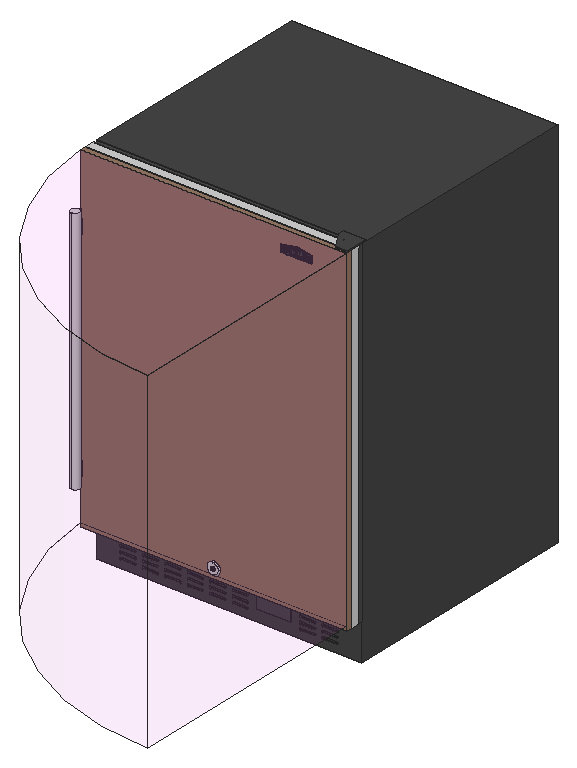
Revit family "Qf_Summit_SCFF53BIF_24 inches Wide Built-In All-Freezer", category Specialty Equipment, Revit 2020
Family settings
  Round Connector Dimension = Use Diameter
  Part Type = Normal
  Work Plane-Based = No
  Always vertical = Yes
  Cut with Voids When Loaded = No
  Shared = No
  Room Calculation Point = No
Parameters
  Weight in Pounds = 95
  Watts = 0 W
  Volts = 115 V
  URL Cutsheet = ""
  Specification by User = ""
  Specification by Manufacturer = ""
  Show Clearance [instance] = yes
  Serial Number = ""
  Seismic Rating = ""
  SMACNA No = ""
  Revision Code = ""
  Plumbing Remarks = ""
  Plumbing Connection Type = ""
  Phase = 1
  Number of Poles = 1
  NAFEM Spec ID Number = ""
  Model = "SCFF53BIF"
  Min Ckt Ampacity = 0 A
  Max Overcurrent Protection = 0 A
  Masterspec = ""
  Manufacturer = "Summit"
  Length = 23 5/8"
  Item Number = ""
  Installed By = ""
  Identify Quantity as Lot = yes
  Height = 34"
  HP = ""
  Furnished By = ""
  Foodservice Equipment Identifier = yes
  FL Amps = 0.9 A
  Electrical Remarks = ""
  Electric Connection Type = ""
  Elec Conn RI Height = 0"
  Elec Conn Connection Height = 0"
  Description = "24\" Wide Built-In All-Freezer"
  Depth = 23 1/2"
  Default Elevation = 0"
  Cycle = 60 Hz
  Conn Plug = ""
  Conn Conduit = yes
  CSI MasterFormat = ""
  Apparent Power = if(Phase = 3, Volts * FL Amps * 1.73, Volts * FL Amps)  # 103.5 VA
Reference planes (in)
  plane 1: z = 0
  plane 2 "LEFT": x = 0
  plane 3 "RIGHT": x = 23.625
  plane 4 "FRONT": y = -24.25
  plane 5 "TOP": z = 34
  plane 6 "Center Y": x = 11.8125
  plane 7 "Center X": y = -12.5
  plane 8 "BACK": y = -0.75
  plane 9: y = -46.375
  plane 10: y = -26.125
  plane 11: y = -22.5
  plane 12: z = 3.875
  plane 13: z = 0.625
Forms (in)
  Extrusion 1, solid, material "QF_Metallic_Paint_Black_Smooth"
    sketch origin (22.25, -2.96287, 36.42187) x (0, 1, 0) y (-1, 0, 0)
      loop
        line (2.21287, 22.25) -> (-19.53713, 22.25) -> (-19.53713, -1.375) -> (2.21287, -1.375) -> (2.21287, 22.25)
    from -35.79687 to -2.42187
  Extrusion 2, solid, material "QF_Plastic - Black - Matte"
    sketch origin (22.25, -2.96287, 36.42187) x (0, 1, 0) y (-1, 0, 0)
      loop
        line (-19.53713, 22.125) -> (-19.91213, 22.125) -> (-19.91213, -1.375) -> (-19.53713, -1.375) -> (-19.53713, 22.125)
    from -32.54687 to -2.42187
  Extrusion 3, solid, material "QF_Clearances_Door_Drawer"
    sketch origin (22.3755, -2.96287, 34) x (0, 1, 0) y (-1, 0, 0)
      loop
        line (-21.28713, -1.2495) -> (-21.28713, 22.42021)
        arc (-21.28713, 22.42021) -> (-37.01963, 14.95058) -> (-43.41213, -1.2495) r 23.72364
        line (-43.41213, -1.2495) -> (-21.28713, -1.2495)
    from 0 to -29.75
  Extrusion 4, void
    sketch origin (71.79246, -24.25, 19.21875) x (-1, 0, 0) y (0, 0, -1)
      loop
        arc (52.35496, 15.96875) -> (52.22996, 15.84375) -> (52.35496, 15.71875) r 0.125
        line (52.35496, 15.71875) -> (53.60496, 15.71875)
        arc (53.60496, 15.71875) -> (53.72996, 15.84375) -> (53.60496, 15.96875) r 0.125
        line (53.60496, 15.96875) -> (52.35496, 15.96875)
      loop
        line (52.35496, 16.21875) -> (53.60496, 16.21875)
        arc (53.60496, 16.21875) -> (53.72996, 16.34375) -> (53.60496, 16.46875) r 0.125
        line (53.60496, 16.46875) -> (52.35496, 16.46875)
        arc (52.35496, 16.46875) -> (52.22996, 16.34375) -> (52.35496, 16.21875) r 0.125
      loop
        line (52.35496, 16.71875) -> (53.60496, 16.71875)
        arc (53.60496, 16.71875) -> (53.72996, 16.84375) -> (53.60496, 16.96875) r 0.125
        line (53.60496, 16.96875) -> (52.35496, 16.96875)
        arc (52.35496, 16.96875) -> (52.22996, 16.84375) -> (52.35496, 16.71875) r 0.125
      loop
        line (53.60496, 17.46875) -> (52.35496, 17.46875)
        arc (52.35496, 17.46875) -> (52.22996, 17.34375) -> (52.35496, 17.21875) r 0.125
        line (52.35496, 17.21875) -> (53.60496, 17.21875)
        arc (53.60496, 17.21875) -> (53.72996, 17.34375) -> (53.60496, 17.46875) r 0.125
      loop
        line (53.60496, 17.96875) -> (52.35496, 17.96875)
        arc (52.35496, 17.96875) -> (52.22996, 17.84375) -> (52.35496, 17.71875) r 0.125
        line (52.35496, 17.71875) -> (53.60496, 17.71875)
        arc (53.60496, 17.71875) -> (53.72996, 17.84375) -> (53.60496, 17.96875) r 0.125
      loop
        arc (50.35496, 15.96875) -> (50.22996, 15.84375) -> (50.35496, 15.71875) r 0.125
        line (50.35496, 15.71875) -> (51.60496, 15.71875)
        arc (51.60496, 15.71875) -> (51.72996, 15.84375) -> (51.60496, 15.96875) r 0.125
        line (51.60496, 15.96875) -> (50.35496, 15.96875)
      loop
        line (50.35496, 16.21875) -> (51.60496, 16.21875)
        arc (51.60496, 16.21875) -> (51.72996, 16.34375) -> (51.60496, 16.46875) r 0.125
        line (51.60496, 16.46875) -> (50.35496, 16.46875)
        arc (50.35496, 16.46875) -> (50.22996, 16.34375) -> (50.35496, 16.21875) r 0.125
      loop
        line (50.35496, 16.71875) -> (51.60496, 16.71875)
        arc (51.60496, 16.71875) -> (51.72996, 16.84375) -> (51.60496, 16.96875) r 0.125
        line (51.60496, 16.96875) -> (50.35496, 16.96875)
        arc (50.35496, 16.96875) -> (50.22996, 16.84375) -> (50.35496, 16.71875) r 0.125
      loop
        line (51.60496, 17.46875) -> (50.35496, 17.46875)
        arc (50.35496, 17.46875) -> (50.22996, 17.34375) -> (50.35496, 17.21875) r 0.125
        line (50.35496, 17.21875) -> (51.60496, 17.21875)
        arc (51.60496, 17.21875) -> (51.72996, 17.34375) -> (51.60496, 17.46875) r 0.125
      loop
        line (51.60496, 17.96875) -> (50.35496, 17.96875)
        arc (50.35496, 17.96875) -> (50.22996, 17.84375) -> (50.35496, 17.71875) r 0.125
        line (50.35496, 17.71875) -> (51.60496, 17.71875)
        arc (51.60496, 17.71875) -> (51.72996, 17.84375) -> (51.60496, 17.96875) r 0.125
      loop
        arc (60.35496, 15.96875) -> (60.22996, 15.84375) -> (60.35496, 15.71875) r 0.125
        line (60.35496, 15.71875) -> (61.60496, 15.71875)
        arc (61.60496, 15.71875) -> (61.72996, 15.84375) -> (61.60496, 15.96875) r 0.125
        line (61.60496, 15.96875) -> (60.35496, 15.96875)
      loop
        line (60.35496, 16.21875) -> (61.60496, 16.21875)
        arc (61.60496, 16.21875) -> (61.72996, 16.34375) -> (61.60496, 16.46875) r 0.125
        line (61.60496, 16.46875) -> (60.35496, 16.46875)
        arc (60.35496, 16.46875) -> (60.22996, 16.34375) -> (60.35496, 16.21875) r 0.125
      loop
        line (60.35496, 16.71875) -> (61.60496, 16.71875)
        arc (61.60496, 16.71875) -> (61.72996, 16.84375) -> (61.60496, 16.96875) r 0.125
        line (61.60496, 16.96875) -> (60.35496, 16.96875)
        arc (60.35496, 16.96875) -> (60.22996, 16.84375) -> (60.35496, 16.71875) r 0.125
      loop
        line (61.60496, 17.46875) -> (60.35496, 17.46875)
        arc (60.35496, 17.46875) -> (60.22996, 17.34375) -> (60.35496, 17.21875) r 0.125
        line (60.35496, 17.21875) -> (61.60496, 17.21875)
        arc (61.60496, 17.21875) -> (61.72996, 17.34375) -> (61.60496, 17.46875) r 0.125
      loop
        line (61.60496, 17.96875) -> (60.35496, 17.96875)
        arc (60.35496, 17.96875) -> (60.22996, 17.84375) -> (60.35496, 17.71875) r 0.125
        line (60.35496, 17.71875) -> (61.60496, 17.71875)
        arc (61.60496, 17.71875) -> (61.72996, 17.84375) -> (61.60496, 17.96875) r 0.125
      loop
        arc (58.35496, 15.96875) -> (58.22996, 15.84375) -> (58.35496, 15.71875) r 0.125
        line (58.35496, 15.71875) -> (59.60496, 15.71875)
        arc (59.60496, 15.71875) -> (59.72996, 15.84375) -> (59.60496, 15.96875) r 0.125
        line (59.60496, 15.96875) -> (58.35496, 15.96875)
      loop
        line (58.35496, 16.21875) -> (59.60496, 16.21875)
        arc (59.60496, 16.21875) -> (59.72996, 16.34375) -> (59.60496, 16.46875) r 0.125
        line (59.60496, 16.46875) -> (58.35496, 16.46875)
        arc (58.35496, 16.46875) -> (58.22996, 16.34375) -> (58.35496, 16.21875) r 0.125
      loop
        line (58.35496, 16.71875) -> (59.60496, 16.71875)
        arc (59.60496, 16.71875) -> (59.72996, 16.84375) -> (59.60496, 16.96875) r 0.125
        line (59.60496, 16.96875) -> (58.35496, 16.96875)
        arc (58.35496, 16.96875) -> (58.22996, 16.84375) -> (58.35496, 16.71875) r 0.125
      loop
        line (59.60496, 17.46875) -> (58.35496, 17.46875)
        arc (58.35496, 17.46875) -> (58.22996, 17.34375) -> (58.35496, 17.21875) r 0.125
        line (58.35496, 17.21875) -> (59.60496, 17.21875)
        arc (59.60496, 17.21875) -> (59.72996, 17.34375) -> (59.60496, 17.46875) r 0.125
      loop
        line (59.60496, 17.96875) -> (58.35496, 17.96875)
        arc (58.35496, 17.96875) -> (58.22996, 17.84375) -> (58.35496, 17.71875) r 0.125
        line (58.35496, 17.71875) -> (59.60496, 17.71875)
        arc (59.60496, 17.71875) -> (59.72996, 17.84375) -> (59.60496, 17.96875) r 0.125
      loop
        arc (64.35496, 15.96875) -> (64.22996, 15.84375) -> (64.35496, 15.71875) r 0.125
        line (64.35496, 15.71875) -> (65.60496, 15.71875)
        arc (65.60496, 15.71875) -> (65.72996, 15.84375) -> (65.60496, 15.96875) r 0.125
        line (65.60496, 15.96875) -> (64.35496, 15.96875)
      loop
        line (64.35496, 16.21875) -> (65.60496, 16.21875)
        arc (65.60496, 16.21875) -> (65.72996, 16.34375) -> (65.60496, 16.46875) r 0.125
        line (65.60496, 16.46875) -> (64.35496, 16.46875)
        arc (64.35496, 16.46875) -> (64.22996, 16.34375) -> (64.35496, 16.21875) r 0.125
      loop
        line (64.35496, 16.71875) -> (65.60496, 16.71875)
        arc (65.60496, 16.71875) -> (65.72996, 16.84375) -> (65.60496, 16.96875) r 0.125
        line (65.60496, 16.96875) -> (64.35496, 16.96875)
        arc (64.35496, 16.96875) -> (64.22996, 16.84375) -> (64.35496, 16.71875) r 0.125
      loop
        line (65.60496, 17.46875) -> (64.35496, 17.46875)
        arc (64.35496, 17.46875) -> (64.22996, 17.34375) -> (64.35496, 17.21875) r 0.125
        line (64.35496, 17.21875) -> (65.60496, 17.21875)
        arc (65.60496, 17.21875) -> (65.72996, 17.34375) -> (65.60496, 17.46875) r 0.125
      loop
        line (65.60496, 17.96875) -> (64.35496, 17.96875)
        arc (64.35496, 17.96875) -> (64.22996, 17.84375) -> (64.35496, 17.71875) r 0.125
        line (64.35496, 17.71875) -> (65.60496, 17.71875)
        arc (65.60496, 17.71875) -> (65.72996, 17.84375) -> (65.60496, 17.96875) r 0.125
      loop
        arc (62.35496, 15.96875) -> (62.22996, 15.84375) -> (62.35496, 15.71875) r 0.125
        line (62.35496, 15.71875) -> (63.60496, 15.71875)
        arc (63.60496, 15.71875) -> (63.72996, 15.84375) -> (63.60496, 15.96875) r 0.125
        line (63.60496, 15.96875) -> (62.35496, 15.96875)
      loop
        line (62.35496, 16.21875) -> (63.60496, 16.21875)
        arc (63.60496, 16.21875) -> (63.72996, 16.34375) -> (63.60496, 16.46875) r 0.125
        line (63.60496, 16.46875) -> (62.35496, 16.46875)
        arc (62.35496, 16.46875) -> (62.22996, 16.34375) -> (62.35496, 16.21875) r 0.125
      loop
        line (62.35496, 16.71875) -> (63.60496, 16.71875)
        arc (63.60496, 16.71875) -> (63.72996, 16.84375) -> (63.60496, 16.96875) r 0.125
        line (63.60496, 16.96875) -> (62.35496, 16.96875)
        arc (62.35496, 16.96875) -> (62.22996, 16.84375) -> (62.35496, 16.71875) r 0.125
      loop
        line (63.60496, 17.46875) -> (62.35496, 17.46875)
        arc (62.35496, 17.46875) -> (62.22996, 17.34375) -> (62.35496, 17.21875) r 0.125
        line (62.35496, 17.21875) -> (63.60496, 17.21875)
        arc (63.60496, 17.21875) -> (63.72996, 17.34375) -> (63.60496, 17.46875) r 0.125
      loop
        line (63.60496, 17.96875) -> (62.35496, 17.96875)
        arc (62.35496, 17.96875) -> (62.22996, 17.84375) -> (62.35496, 17.71875) r 0.125
        line (62.35496, 17.71875) -> (63.60496, 17.71875)
        arc (63.60496, 17.71875) -> (63.72996, 17.84375) -> (63.60496, 17.96875) r 0.125
      loop
        arc (68.35496, 15.96875) -> (68.22996, 15.84375) -> (68.35496, 15.71875) r 0.125
        line (68.35496, 15.71875) -> (69.60496, 15.71875)
        arc (69.60496, 15.71875) -> (69.72996, 15.84375) -> (69.60496, 15.96875) r 0.125
        line (69.60496, 15.96875) -> (68.35496, 15.96875)
      loop
        line (68.35496, 16.21875) -> (69.60496, 16.21875)
        arc (69.60496, 16.21875) -> (69.72996, 16.34375) -> (69.60496, 16.46875) r 0.125
        line (69.60496, 16.46875) -> (68.35496, 16.46875)
        arc (68.35496, 16.46875) -> (68.22996, 16.34375) -> (68.35496, 16.21875) r 0.125
      loop
        line (68.35496, 16.71875) -> (69.60496, 16.71875)
        arc (69.60496, 16.71875) -> (69.72996, 16.84375) -> (69.60496, 16.96875) r 0.125
        line (69.60496, 16.96875) -> (68.35496, 16.96875)
        arc (68.35496, 16.96875) -> (68.22996, 16.84375) -> (68.35496, 16.71875) r 0.125
      loop
        line (69.60496, 17.46875) -> (68.35496, 17.46875)
        arc (68.35496, 17.46875) -> (68.22996, 17.34375) -> (68.35496, 17.21875) r 0.125
        line (68.35496, 17.21875) -> (69.60496, 17.21875)
        arc (69.60496, 17.21875) -> (69.72996, 17.34375) -> (69.60496, 17.46875) r 0.125
      loop
        line (69.60496, 17.96875) -> (68.35496, 17.96875)
        arc (68.35496, 17.96875) -> (68.22996, 17.84375) -> (68.35496, 17.71875) r 0.125
        line (68.35496, 17.71875) -> (69.60496, 17.71875)
        arc (69.60496, 17.71875) -> (69.72996, 17.84375) -> (69.60496, 17.96875) r 0.125
      loop
        arc (66.35496, 15.96875) -> (66.22996, 15.84375) -> (66.35496, 15.71875) r 0.125
        line (66.35496, 15.71875) -> (67.60496, 15.71875)
        arc (67.60496, 15.71875) -> (67.72996, 15.84375) -> (67.60496, 15.96875) r 0.125
        line (67.60496, 15.96875) -> (66.35496, 15.96875)
      loop
        line (66.35496, 16.21875) -> (67.60496, 16.21875)
        arc (67.60496, 16.21875) -> (67.72996, 16.34375) -> (67.60496, 16.46875) r 0.125
        line (67.60496, 16.46875) -> (66.35496, 16.46875)
        arc (66.35496, 16.46875) -> (66.22996, 16.34375) -> (66.35496, 16.21875) r 0.125
      loop
        line (66.35496, 16.71875) -> (67.60496, 16.71875)
        arc (67.60496, 16.71875) -> (67.72996, 16.84375) -> (67.60496, 16.96875) r 0.125
        line (67.60496, 16.96875) -> (66.35496, 16.96875)
        arc (66.35496, 16.96875) -> (66.22996, 16.84375) -> (66.35496, 16.71875) r 0.125
      loop
        line (67.60496, 17.46875) -> (66.35496, 17.46875)
        arc (66.35496, 17.46875) -> (66.22996, 17.34375) -> (66.35496, 17.21875) r 0.125
        line (66.35496, 17.21875) -> (67.60496, 17.21875)
        arc (67.60496, 17.21875) -> (67.72996, 17.34375) -> (67.60496, 17.46875) r 0.125
      loop
        line (67.60496, 17.96875) -> (66.35496, 17.96875)
        arc (66.35496, 17.96875) -> (66.22996, 17.84375) -> (66.35496, 17.71875) r 0.125
        line (66.35496, 17.71875) -> (67.60496, 17.71875)
        arc (67.60496, 17.71875) -> (67.72996, 17.84375) -> (67.60496, 17.96875) r 0.125
    from -1.883 to -1.75
  Extrusion 5, solid, material "QF_Metal - Stainless - Polished"
    sketch origin (-3.14693, -0.75, 36.40612) x (1, 0, 0) y (0, 0, -1)
      loop
        circle (23.76688, 33.98256) r 0.25
    from 0 to 1
  Extrusion 6, solid, material "QF_Plastic_Epoxy_Black"
    sketch origin (23.6875, -22.5, 36.29687) x (-1, 0, 0) y (0, 0, -1)
      loop
        line (9.4375, 33.29687) -> (9.4375, 34.67187) -> (6.4375, 34.67187) -> (6.4375, 33.29687) -> (9.4375, 33.29687)
    from 0 to 0.03125
  Extrusion 7, solid, material "QF_Wood_Mahogany"
    sketch origin (22.25, -47.03713, 36.42187) x (0, 1, 0) y (-1, 0, 0)
      loop
        line (22.78713, 22.25) -> (22.78713, -1.375) -> (23.28713, -1.375) -> (23.28713, 22.25) -> (22.78713, 22.25)
    from -32.54687 to -2.42187
  Extrusion 8, solid, material "QF_Metal - Stainless - Polished"
    sketch origin (22.25, -2.96287, 32) x (0, 1, 0) y (-1, 0, 0)
      loop
        circle (-22.78713, 21.5625) r 0.375
    from -24.00609 to -2.00609
  Extrusion 9, solid, material "QF_Metal - Stainless - Polished"
    sketch origin (22.25, -2.96287, 32) x (0, 1, 0) y (-1, 0, 0)
      loop
        line (-22.31374, 21.94806) -> (-21.28713, 22.25) -> (-20.53713, 22.25) -> (-20.53713, 22.3125) -> (-21.29613, 22.3125) -> (-22.33138, 22.00802)
        arc (-22.33138, 22.00802) -> (-22.38971, 21.96749) -> (-22.41213, 21.90009) r 0.1125
        line (-22.41213, 21.90009) -> (-22.41213, 21.3095) -> (-22.34963, 21.3095) -> (-22.34963, 21.90009)
        arc (-22.34963, 21.90009) -> (-22.33967, 21.93004) -> (-22.31374, 21.94806) r 0.05
    from -4.00609 to -2.75609
  Revolve 10, solid, material "QF_Plastic - Black - Matte"
    sketch origin (71.66746, -21, 19.5) x (-1, 0, 0) y (0, 0, -1)
      loop
        line (70.10496, 17.75) -> (70.10496, 19.5) -> (69.60496, 19.5) -> (69.52163, 19.0625) -> (69.52163, 19) -> (69.91746, 19) -> (69.91746, 17.75) -> (70.10496, 17.75)
      axis (70.10496, 19.5) -> (70.10496, 17.75)
    angle from 0 to 360
  Revolve 11, solid, material "QF_Plastic - Black - Matte"
    sketch origin (71.66746, -2, 19.5) x (-1, 0, 0) y (0, 0, -1)
      loop
        line (70.10496, 17.75) -> (70.10496, 19.5) -> (69.60496, 19.5) -> (69.52163, 19.0625) -> (69.52163, 19) -> (69.91746, 19) -> (69.91746, 17.75) -> (70.10496, 17.75)
      axis (70.10496, 19.5) -> (70.10496, 17.75)
    angle from 0 to 360
  Extrusion 12, solid, material "QF_Metal - Stainless - Polished"
    sketch origin (22.25, 0.03713, 36.42187) x (0, 1, 0) y (-1, 0, 0)
      loop
        line (-22.91213, 22.25) -> (-23.78713, 22.25) -> (-23.78713, -1.375) -> (-22.91213, -1.375) -> (-22.91213, 22.25)
    from -32.54687 to -2.42187
  Extrusion 13, solid, material "QF_Metal - Stainless - Polished"
    sketch origin (22.25, -2.96287, 12.75) x (0, 1, 0) y (-1, 0, 0)
      loop
        line (-22.31374, 21.94806) -> (-21.28713, 22.25) -> (-20.53713, 22.25) -> (-20.53713, 22.3125) -> (-21.29613, 22.3125) -> (-22.33138, 22.00802)
        arc (-22.33138, 22.00802) -> (-22.38971, 21.96749) -> (-22.41213, 21.90009) r 0.1125
        line (-22.41213, 21.90009) -> (-22.41213, 21.3095) -> (-22.34963, 21.3095) -> (-22.34963, 21.90009)
        arc (-22.34963, 21.90009) -> (-22.33967, 21.93004) -> (-22.31374, 21.94806) r 0.05
    from -4.00609 to -2.75609
  Blend 14, solid, material "QF_Metal - Stainless - Polished"
    base sketch origin (23.6875, -25.51715, 36.42187) x (1, 0, 0) y (0, 0, -1)
      loop
        circle (-11.875, 31.66041) r 0.5625
    top sketch origin (23.6875, -25.51715, 36.42187) x (1, 0, 0) y (0, 0, -1)
      loop
        circle (-11.875, 31.66041) r 0.5
    from 1.26715 to 1.17082
  Extrusion 15, void
    sketch origin (23.6875, -25.51715, 36.42187) x (1, 0, 0) y (0, 0, -1)
      loop
        circle (-11.875, 31.66041) r 0.1875
      loop
        spline (-11.875, 31.76183) -> (-11.88315, 31.75838) -> (-11.89074, 31.74824) -> (-11.89727, 31.73213) -> (-11.90227, 31.71112) -> (-11.90542, 31.68666) -> (-11.90649, 31.66041) -> (-11.90542, 31.63416) -> (-11.90227, 31.6097) -> (-11.89727, 31.58869) -> (-11.89074, 31.57258) -> (-11.88315, 31.56244) -> (-11.875, 31.55899)
        spline (-11.875, 31.55899) -> (-11.86685, 31.56244) -> (-11.85926, 31.57258) -> (-11.85273, 31.58869) -> (-11.84773, 31.6097) -> (-11.84458, 31.63416) -> (-11.84351, 31.66041) -> (-11.84458, 31.68666) -> (-11.84773, 31.71112) -> (-11.85273, 31.73213) -> (-11.85926, 31.74824) -> (-11.86685, 31.75838) -> (-11.875, 31.76183)
      loop
        circle (-11.875, 31.66041) r 0.16983
    from 1.26715 to 1.17082
  Revolve 16, solid, material "QF_Plastic - Black - Matte"
    sketch origin (-48.04246, -21, 19.5) x (1, 0, 0) y (0, 0, 1)
      loop
        line (70.10496, -17.75) -> (69.91746, -17.75) -> (69.91746, -19) -> (69.52163, -19) -> (69.52163, -19.0625) -> (69.60496, -19.5) -> (70.10496, -19.5) -> (70.10496, -17.75)
      axis (70.10496, -19.5) -> (70.10496, -17.75)
    angle from 0 to 360
  Revolve 17, solid, material "QF_Plastic - Black - Matte"
    sketch origin (-48.04246, -2, 19.5) x (1, 0, 0) y (0, 0, 1)
      loop
        line (70.10496, -17.75) -> (69.91746, -17.75) -> (69.91746, -19) -> (69.52163, -19) -> (69.52163, -19.0625) -> (69.60496, -19.5) -> (70.10496, -19.5) -> (70.10496, -17.75)
      axis (70.10496, -19.5) -> (70.10496, -17.75)
    angle from 0 to 360
  Extrusion 18, solid, material "QF_Metallic_Paint_Black_Smooth"
    sketch origin (22.25, -2.96287, 34) x (0, 1, 0) y (-1, 0, 0)
      loop
        line (-19.53713, 0.75) -> (-21.04014, -0.21339)
        arc (-21.04014, -0.21339) -> (-21.08375, -0.25887) -> (-21.09963, -0.31985) r 0.125
        line (-21.09963, -0.31985) -> (-21.09963, -1.125)
        arc (-21.09963, -1.125) -> (-21.06302, -1.21339) -> (-20.97463, -1.25) r 0.125
        line (-20.97463, -1.25) -> (-18.93737, -1.25) -> (-18.93737, 0.75) -> (-19.53713, 0.75)
    from 0 to 0.05294
Cuts and joins
  Extrusion 4, Extrusion 15 cuts Extrusion 1
  joined: Extrusion 1, Extrusion 18
  Extrusion 15 cuts Extrusion 2
  Extrusion 15 cuts Extrusion 3
  Extrusion 15 cuts Extrusion 7
  Extrusion 15 cuts Extrusion 12
  Extrusion 15 cuts Blend 14
Lines and regions (in)
  symbolic lines
    curve 1: line (23.625, -0.75, 32) -> (0, -0.75, 32)
    curve 2: line (0, -0.75, 32) -> (0, -22.5, 32)
    curve 3: line (0, -22.5, 32) -> (21.5, -22.5, 32)
    curve 4: line (23.625, -22.5, 32) -> (23.625, -0.75, 32)
    curve 5: line (23.625, -22.875, 32) -> (23.5, -22.875, 32)
    curve 6: line (0, -22.875, 32) -> (0, -24.25, 32)
    curve 7: line (0, -23.75, 32) -> (22.30122, -23.75, 32)
    curve 8: line (23.625, -23.75, 32) -> (23.625, -22.875, 32)
    curve 9: line (-0.0625, -23.5, 32) -> (-0.0625, -24.259, 32)
    curve 10: line (-0.0625, -24.259, 32) -> (0.24198, -25.29424, 32)
    curve 11: arc (0.24198, -25.29424, 32) -> (0.28251, -25.35258, 32) -> (0.34991, -25.375, 32) r 0.1125
    curve 12: line (0.34991, -25.375, 32) -> (0.9405, -25.375, 32)
    curve 13: line (0.9405, -25.375, 32) -> (0.9405, -25.3125, 32)
    curve 14: line (0.9405, -25.3125, 32) -> (0.34991, -25.3125, 32)
    curve 15: arc (0.34991, -25.3125, 32) -> (0.31996, -25.30253, 32) -> (0.30194, -25.27661, 32) r 0.05
    curve 16: line (0.30194, -25.27661, 32) -> (0, -24.25, 32)
    curve 17: line (0, -24.25, 32) -> (0, -23.5, 32)
    curve 18: line (0, -23.5, 32) -> (-0.0625, -23.5, 32)
    curve 19: line (23.625, -24.25, 32) -> (23.625, -22.875, 32)
    curve 20: line (23.625, -24.25, 32) -> (23.625, -23.75, 32)
    curve 21: line (23.5, -22.5, 32) -> (23.625, -22.5, 32)
    curve 22: line (21.74037, -22.875, 32) -> (0, -22.875, 32)
    curve 23: line (23.5, -23.75, 32) -> (23.625, -23.75, 32)
    curve 24: line (21.5, -22.5, 32) -> (22.46339, -24.00301, 32)
    curve 25: arc (22.46339, -24.00301, 32) -> (22.50887, -24.04662, 32) -> (22.56985, -24.0625, 32) r 0.125
    curve 26: line (22.56985, -24.0625, 32) -> (23.375, -24.0625, 32)
    curve 27: arc (23.375, -24.0625, 32) -> (23.46339, -24.02589, 32) -> (23.5, -23.9375, 32) r 0.125
    curve 28: line (23.5, -23.9375, 32) -> (23.5, -21.90024, 32)
    curve 29: line (23.5, -21.90024, 32) -> (21.5, -21.90024, 32)
    curve 30: line (21.5, -21.90024, 32) -> (21.5, -22.5, 32)
    curve 31: arc (0.6875, -26.125, 32) -> (1.0625, -25.75, 32) -> (0.6875, -25.375, 32) r 0.375
    curve 32: arc (0.6875, -25.375, 32) -> (0.3125, -25.75, 32) -> (0.6875, -26.125, 32) r 0.375
    curve 33: line (0, -24.25, 32) -> (23.625, -24.25, 32)
    curve 34: line (0.125, -22.5, 32) -> (0.125, -22.875, 32)
  symbolic lines, style "QF_Clearances_Door_Drawer"
    curve 35: arc (-0.04472, -24.25, 32) -> (1.14111, -30.22008, 32) -> (3.80697, -35.69194, 32) r 23.72364
    curve 36: line (3.80697, -35.69194, 32) -> (23.625, -24.25, 32)
Dimensions and locks (in)
  equal spacing: plane 2 "LEFT", plane 6 "Center Y", plane 3 "RIGHT"
  "Length": plane 2 "LEFT" to plane 3 "RIGHT"
  equal spacing: plane 4 "FRONT", plane 7 "Center X", plane 8 "BACK"
  "Height": plane 5 "TOP" to level
  plane 3 "RIGHT" to plane 2 "LEFT" = 23 5/8"
  plane 5 "TOP" to level = 34"
  "Depth": plane 4 "FRONT" to plane 8 "BACK"
  plane 9 to plane 8 "BACK" = 45 5/8"
  plane 4 "FRONT" to plane 10 = 1 7/8"
  plane 8 "BACK" to plane 11 = 21 3/4"
  aligned and locked: level to plane 1
  aligned and locked: Extrusion 1 to Extrusion 4
  aligned and locked: Extrusion 2 to Extrusion 7
  aligned and locked: Blend 14 to plane 4 "FRONT"
  aligned and locked: Extrusion 15 to plane 4 "FRONT"
  aligned and locked: cut or joined group of Blend 14, Extrusion 15 to Extrusion 15
Automatic sketch dimensions
  Extrusion 1 sketch curve to plane 2 "LEFT" = 0"
  Extrusion 1 sketch curve to plane 11 = 0"
  plane 8 "BACK" to Extrusion 1 sketch curve = 0"
  Extrusion 1 sketch curve to plane 3 "RIGHT" = 0"
  Extrusion 2 sketch curve to plane 3 "RIGHT" = 0"
  Extrusion 2 sketch curve to plane 11 = 0"
  Extrusion 2 sketch curve to Extrusion 2 sketch curve = 3/8"
  plane 2 "LEFT" to Extrusion 2 sketch curve = 1/8"
  Extrusion 3 sketch curve to Extrusion 1 = 0"
  Extrusion 1 to Extrusion 3 sketch curve = 23 7/8"
  Extrusion 1 to Extrusion 3 sketch curve = 1 3/4"
  Extrusion 1 to Extrusion 3 sketch curve = 0.15136"
  plane 3 "RIGHT" to Extrusion 4 sketch curve = 2 3/16"
  Extrusion 4 sketch curve to Extrusion 4 sketch curve = 0"  (x56)
  plane 12 to Extrusion 4 sketch curve = 3/8"  (x8)
  Extrusion 4 sketch curve to Extrusion 4 sketch curve = 1 1/4"  (x7)
  Extrusion 4 sketch curve to Extrusion 4 sketch curve = 3/4"  (x9)
  Extrusion 4 sketch curve to plane 13 = 5/8"  (x3)
  plane 6 "Center Y" to Extrusion 4 sketch curve = 1 5/8"
  plane 6 "Center Y" to Extrusion 4 sketch curve = 3/8"  (x3)
  Extrusion 4 sketch curve to plane 6 "Center Y" = 3/8"  (x3)
  Extrusion 4 sketch curve to Extrusion 4 sketch curve = 1/8"  (x37)
  Extrusion 4 sketch curve to Extrusion 4 sketch curve = 1/4"  (x32)
  Extrusion 5 sketch curve to Extrusion 1 = 3.00504"
  Extrusion 1 to Extrusion 5 sketch curve = 1.79856"
  Extrusion 1 to Extrusion 6 sketch curve = 2 3/8"
  Extrusion 6 sketch curve to Extrusion 1 = 6 3/8"
  Extrusion 1 to Extrusion 6 sketch curve = 1"
  Extrusion 6 sketch curve to Extrusion 6 sketch curve = 3"
  Extrusion 7 sketch curve to plane 3 "RIGHT" = 0"
  plane 4 "FRONT" to Extrusion 7 sketch curve = 0"
  Extrusion 7 sketch curve to plane 2 "LEFT" = 0"
  Extrusion 7 sketch curve to Extrusion 7 sketch curve = 1/2"
  Extrusion 9 sketch curve to Extrusion 9 sketch curve = 0"  (x2)
  Extrusion 9 sketch curve to plane 2 "LEFT" = 0"
  plane 4 "FRONT" to Extrusion 9 sketch curve = 0"
  plane 4 "FRONT" to Extrusion 9 sketch curve = 0.009"
  plane 2 "LEFT" to Extrusion 9 sketch curve = 0.34991"
  plane 10 to Extrusion 9 sketch curve = 0.8625"
  plane 2 "LEFT" to Extrusion 9 sketch curve = 0.30194"
  Extrusion 9 sketch curve to Extrusion 9 sketch curve = 0.01411"
  plane 2 "LEFT" to Extrusion 9 sketch curve = 0.24198"
  Extrusion 9 sketch curve to Extrusion 9 sketch curve = 0.01764"
  Extrusion 9 sketch curve to plane 4 "FRONT" = 3/4"
  Extrusion 9 sketch curve to Extrusion 9 sketch curve = 0.59059"
  Extrusion 9 sketch curve to plane 2 "LEFT" = 1/16"
  Revolve 10 sketch curve to level = 0"
  Revolve 10 sketch curve to plane 13 = 0"
  plane 13 to Revolve 10 sketch curve = 3/16"
  plane 2 "LEFT" to Revolve 10 sketch curve = 2.14583"
  Revolve 10 sketch curve to Revolve 10 sketch curve = 0.08333"
  Revolve 10 sketch curve to Revolve 10 sketch curve = 0.39583"
  Revolve 10 sketch curve to Revolve 10 sketch curve = 3/16"  (x2)
  Revolve 10 sketch curve to plane 13 = 1 1/8"
  Revolve 10 sketch curve to Revolve 10 sketch curve = 1/16"
  Revolve 10 sketch curve to plane 13 = 1/4"
  Revolve 11 sketch curve to level = 0"
  Revolve 11 sketch curve to plane 13 = 0"
  plane 13 to Revolve 11 sketch curve = 3/16"
  plane 2 "LEFT" to Revolve 11 sketch curve = 2.14583"
  Revolve 11 sketch curve to Revolve 11 sketch curve = 0.08333"
  Revolve 11 sketch curve to Revolve 11 sketch curve = 0.39583"
  Revolve 11 sketch curve to Revolve 11 sketch curve = 3/16"  (x2)
  Revolve 11 sketch curve to plane 13 = 1 1/8"
  Revolve 11 sketch curve to Revolve 11 sketch curve = 1/16"
  Revolve 11 sketch curve to plane 13 = 1/4"
  Extrusion 12 sketch curve to plane 2 "LEFT" = 0"
  Extrusion 12 sketch curve to plane 3 "RIGHT" = 0"
  Extrusion 12 sketch curve to plane 4 "FRONT" = 1/2"
  Extrusion 12 sketch curve to plane 11 = 3/8"
  Extrusion 13 sketch curve to Extrusion 13 sketch curve = 0"  (x2)
  Extrusion 13 sketch curve to plane 2 "LEFT" = 0"
  plane 4 "FRONT" to Extrusion 13 sketch curve = 0"
  plane 4 "FRONT" to Extrusion 13 sketch curve = 0.009"
  plane 2 "LEFT" to Extrusion 13 sketch curve = 0.34991"
  plane 10 to Extrusion 13 sketch curve = 0.8625"
  plane 2 "LEFT" to Extrusion 13 sketch curve = 0.30194"
  Extrusion 13 sketch curve to Extrusion 13 sketch curve = 0.01411"
  plane 2 "LEFT" to Extrusion 13 sketch curve = 0.24198"
  Extrusion 13 sketch curve to Extrusion 13 sketch curve = 0.01764"
  Extrusion 13 sketch curve to plane 4 "FRONT" = 3/4"
  Extrusion 13 sketch curve to Extrusion 13 sketch curve = 0.59059"
  Extrusion 13 sketch curve to plane 2 "LEFT" = 1/16"
  Extrusion 15 sketch curve to Extrusion 15 sketch curve = 0"  (x3)
  Extrusion 15 sketch curve to plane 6 "Center Y" = 0"  (x2)
  Extrusion 15 sketch curve to plane 12 = 0.88646"
  Extrusion 15 sketch curve to Extrusion 15 sketch curve = 0.10142"
  Revolve 16 sketch curve to level = 0"
  Revolve 16 sketch curve to plane 13 = 0"
  plane 13 to Revolve 16 sketch curve = 3/16"
  plane 3 "RIGHT" to Revolve 16 sketch curve = 2.14583"
  Revolve 16 sketch curve to Revolve 16 sketch curve = 0.08333"
  Revolve 16 sketch curve to Revolve 16 sketch curve = 0.39583"
  Revolve 16 sketch curve to Revolve 16 sketch curve = 3/16"  (x2)
  plane 13 to Revolve 16 sketch curve = 1/8"
  Revolve 16 sketch curve to plane 13 = 1 1/8"
  Revolve 16 sketch curve to plane 13 = 1/4"
  Revolve 17 sketch curve to level = 0"
  Revolve 17 sketch curve to plane 13 = 0"
  plane 13 to Revolve 17 sketch curve = 3/16"
  plane 3 "RIGHT" to Revolve 17 sketch curve = 2.14583"
  Revolve 17 sketch curve to Revolve 17 sketch curve = 0.08333"
  Revolve 17 sketch curve to Revolve 17 sketch curve = 0.39583"
  Revolve 17 sketch curve to Revolve 17 sketch curve = 3/16"  (x2)
  plane 13 to Revolve 17 sketch curve = 1/8"
  Revolve 17 sketch curve to plane 13 = 1 1/8"
  Revolve 17 sketch curve to plane 13 = 1/4"
  Extrusion 1 to Extrusion 18 sketch curve = 0"
  Extrusion 18 sketch curve to Extrusion 1 = 1/8"
  Extrusion 1 to Extrusion 18 sketch curve = 1 7/16"
  Extrusion 18 sketch curve to Extrusion 18 sketch curve = 0"
  Extrusion 18 sketch curve to Extrusion 18 sketch curve = 0.06551"
  Extrusion 18 sketch curve to Extrusion 18 sketch curve = 1/8"
  Extrusion 18 sketch curve to Extrusion 1 = 0.59976"
  Extrusion 18 sketch curve to Extrusion 18 sketch curve = 0.80515"
  Extrusion 18 sketch curve to Extrusion 18 sketch curve = 0.96339"
  curve 11 to curve 15 = 0"  (x2)
  curve 31 to plane 10 = 0"
  curve 33 to plane 3 "RIGHT" = 0"
  plane 4 "FRONT" to curve 33 = 0"
  plane 4 "FRONT" to curve 35 = 0"
  curve 7 to plane 2 "LEFT" = 0"
  curve 3 to plane 2 "LEFT" = 0"
  curve 3 to plane 11 = 0"
  curve 30 to plane 11 = 0"
  curve 21 to plane 3 "RIGHT" = 0"
  curve 21 to plane 11 = 0"
  plane 8 "BACK" to curve 2 = 0"
  plane 10 to curve 32 = 3/8"
  curve 12 to curve 32 = 0"
  curve 12 to curve 14 = 1/16"
  plane 2 "LEFT" to curve 10 = 0.24198"
  curve 14 to curve 10 = 0.01826"
  plane 2 "LEFT" to curve 16 = 0.30194"
  curve 14 to curve 11 = 0.05"
  plane 4 "FRONT" to curve 9 = 0.009"
  curve 26 to plane 4 "FRONT" = 3/16"
  curve 26 to curve 24 = 0.05949"
  curve 26 to curve 25 = 1/8"
  curve 27 to curve 28 = 1/8"
  curve 28 to curve 20 = 3/16"
  curve 6 to curve 18 = 3/4"
  curve 22 to curve 2 = 3/8"
  curve 19 to plane 11 = 3/8"
  curve 35 to plane 11 = 0.15136"
  plane 3 "RIGHT" to curve 29 = 1/8"
  curve 21 to curve 29 = 0.59976"
  curve 26 to curve 26 = 0.80515"
  curve 25 to curve 30 = 0.96339"
  curve 13 to curve 11 = 0.59059"
  curve 12 to curve 31 = 0.253"
  curve 9 to plane 2 "LEFT" = 1/16"
  curve 36 to plane 9 = 10.68306"
  curve 25 to curve 7 = 0.25301"
  plane 3 "RIGHT" to curve 21 = 1/8"
  plane 3 "RIGHT" to curve 5 = 1/8"
  curve 22 to curve 24 = 0.24037"
  curve 3 to curve 24 = 0"
  curve 34 to curve 6 = 1/8"
  plane 2 "LEFT" to curve 36 = 3.80697"
  curve 35 to plane 3 "RIGHT" = 0"
  radius of Extrusion 5 sketch curve = 1/4"
  radius of Extrusion 15 sketch curve = 3/16"
  radius of Extrusion 15 sketch curve = 0.16983"
Nested families (in)
  nested 1: "QF_LOGO_SUMMIT" at (17.80652, -24.25, 32.11169), type "QF_LOGO_SUMMIT"
    with Show Logo yes
Connectors (in)
  electrical at (20.61996, 0.25, 2.42356), driven by "Volts", driven by "Apparent Power"
    settings: on Extrusion 5, index 3, voltage 115 V, apparent load 103.5 VA, apparent load phase1 0 VA, apparent load phase2 0 VA, apparent load phase3 0 VA, power factor 1, load classification "Other", number of poles 1, system type 30, power factor state 1, is connector primary yes, connector utility no, sub classification motor no, connector description ""
Definition of nested family "QF_LOGO_SUMMIT"
  Parameters (values of type "QF_LOGO_SUMMIT")
    Show Logo [instance] = yes
    Default Elevation = 0"
  Reference planes (in)
    plane 1 "Center (Front/Back)": y = 0
    plane 2: z = 0
    plane 3 "Center (Left/Right)": x = 0
  Forms (in)
    Extrusion 1, solid
      sketch origin (-11.16229, 0.625, -2.89667) x (1, 0, 0) y (0, 0, -1)
        loop
          line (11.41512, -3.01067) -> (11.41512, -3.12421) -> (11.22543, -3.12421) -> (11.22543, -3.46441) -> (11.54145, -3.53395) -> (11.54145, -3.33591) -> (11.43166, -3.33591) -> (11.41472, -3.36824) -> (11.36757, -3.36777) -> (11.36757, -3.25424) -> (11.54145, -3.25424) -> (11.54145, -2.91255) -> (11.22543, -2.91255) -> (11.22543, -3.04253) -> (11.35104, -3.04253) -> (11.36798, -3.01021) -> (11.41512, -3.01067)
        loop
          line (11.61729, -2.91255) -> (11.61729, -3.55064) -> (11.747, -3.57918) -> (11.747, -3.09257) -> (11.81, -3.09257) -> (11.81, -3.59304) -> (11.93431, -3.6204) -> (11.93431, -2.91255) -> (11.61729, -2.91255)
        loop
          line (12.01604, -2.91255) -> (12.01604, -3.64181) -> (12.17165, -3.67605) -> (12.26883, -3.28697) -> (12.36385, -3.71834) -> (12.50603, -3.74962) -> (12.50603, -2.91255) -> (12.37953, -2.91255) -> (12.37953, -3.18886) -> (12.30018, -2.91255) -> (12.23655, -2.91255) -> (12.15831, -3.09207) -> (12.15831, -2.91255) -> (12.01604, -2.91255)
        loop
          line (12.58485, -2.91255) -> (12.58485, -3.75305) -> (12.74259, -3.71834) -> (12.83761, -3.28697) -> (12.93479, -3.67605) -> (13.0904, -3.64181) -> (13.0904, -2.91255) -> (12.94814, -2.91255) -> (12.94814, -3.09207) -> (12.86989, -2.91255) -> (12.80626, -2.91255) -> (12.72691, -3.18886) -> (12.72691, -2.91255) -> (12.58485, -2.91255)
        loop
          line (13.16907, -2.91255) -> (13.16907, -3.6245) -> (13.34336, -3.58614) -> (13.34336, -2.91255) -> (13.16907, -2.91255)
        loop
          line (13.42201, -3.39774) -> (13.42201, -3.56884) -> (13.84912, -3.47485) -> (13.84912, -3.30375) -> (13.70668, -3.3351) -> (13.70668, -2.91255) -> (13.54875, -2.91255) -> (13.54875, -3.36985) -> (13.42201, -3.39774)
      from -0.63712 to -0.625
    Extrusion 2, solid
      sketch origin (-11.16229, 0.625, -2.89667) x (1, 0, 0) y (0, 0, -1)
        loop
          line (12.5451, -3.80844) -> (13.91229, -3.50938) -> (13.91229, -2.89667) -> (11.16229, -2.89667) -> (11.16229, -3.49894) -> (12.5451, -3.80844)
        loop
          line (11.22543, -3.46441) -> (11.54145, -3.53395) -> (11.54145, -3.33591) -> (11.43166, -3.33591) -> (11.41472, -3.36824) -> (11.36757, -3.36777) -> (11.36757, -3.25424) -> (11.54145, -3.25424) -> (11.54145, -2.91255) -> (11.22543, -2.91255) -> (11.22543, -3.04253) -> (11.35104, -3.04253) -> (11.36798, -3.01021) -> (11.41512, -3.01067) -> (11.41512, -3.12421) -> (11.22543, -3.12421) -> (11.22543, -3.46441)
        loop
          line (11.61729, -3.55064) -> (11.747, -3.57918) -> (11.747, -3.09257) -> (11.81, -3.09257) -> (11.81, -3.59304) -> (11.93431, -3.6204) -> (11.93431, -2.91255) -> (11.61729, -2.91255) -> (11.61729, -3.55064)
        loop
          line (12.01604, -3.64181) -> (12.17165, -3.67605) -> (12.26883, -3.28697) -> (12.36385, -3.71834) -> (12.50603, -3.74962) -> (12.50603, -2.91255) -> (12.37953, -2.91255) -> (12.37953, -3.18886) -> (12.30018, -2.91255) -> (12.23655, -2.91255) -> (12.15831, -3.09207) -> (12.15831, -2.91255) -> (12.01604, -2.91255) -> (12.01604, -3.64181)
        loop
          line (12.58485, -3.75305) -> (12.74259, -3.71834) -> (12.83761, -3.28697) -> (12.93479, -3.67605) -> (13.0904, -3.64181) -> (13.0904, -2.91255) -> (12.94814, -2.91255) -> (12.94814, -3.09207) -> (12.86989, -2.91255) -> (12.80626, -2.91255) -> (12.72691, -3.18886) -> (12.72691, -2.91255) -> (12.58485, -2.91255) -> (12.58485, -3.75305)
        loop
          line (13.16907, -3.6245) -> (13.34336, -3.58614) -> (13.34336, -2.91255) -> (13.16907, -2.91255) -> (13.16907, -3.6245)
        loop
          line (13.42201, -3.56884) -> (13.84912, -3.47485) -> (13.84912, -3.30375) -> (13.70668, -3.3351) -> (13.70668, -2.91255) -> (13.54875, -2.91255) -> (13.54875, -3.36985) -> (13.42201, -3.39774) -> (13.42201, -3.56884)
      from -0.625 to -0.63712
  Dimensions and locks (in)
    aligned and locked: level to plane 2
    aligned and locked: Extrusion 1 to Extrusion 2
